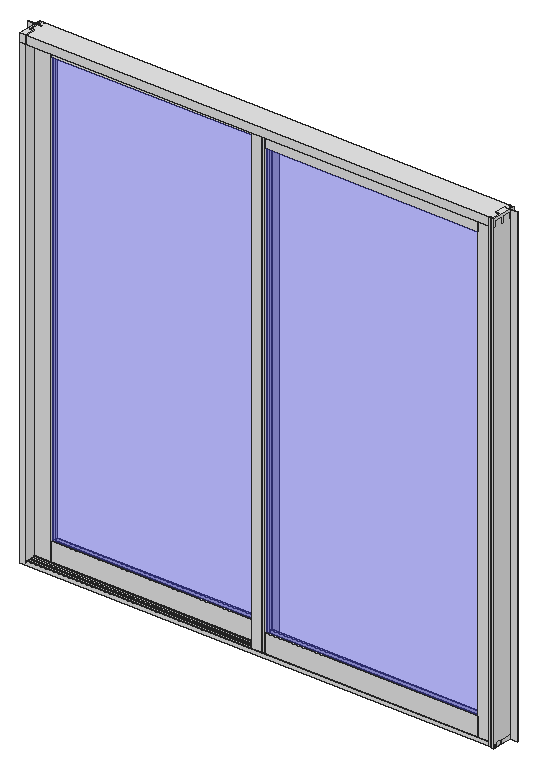
Revit family "Standard-Nail-On-OX-Sliding-Door-with-Low-Sill-and-Standard-Hardware", category Doors, host Wall, Revit 2026
Family settings
  Host = Wall
  Classification Number = 23.30.10.14.11
  Always vertical = Yes
  Cut with Voids When Loaded = No
  Shared = No
  Room Calculation Point = No
Parameters (values of type "2 Panel Sliding Door - OX")
  Wall Thickness [instance] = 0' - 6"
  URL = "https://www.allweatheraa.com/"
  Type Comments = "Multi-Panel Sliding Door"  # constant formula
  CD_Width Panel = ((CD_Width Opening + (0' 2 39/64" * (CD_Number of Panels - 1))) / CD_Number of Panels)  # 4' - 0.93164"
  CD_Width Opening = CD_Width - 0' 0 191/256"  # 7' - 11 65/256"
  CD_Width Min Panel = 2' - 8"  # constant formula
  CD_Width Min = (2 * CD_Width Min Panel) + 0' 0 3/4"  # 5' - 4 3/4"
  CD_Width Max Panel = 8' - 0"  # constant formula
  CD_Width Max = (2 * CD_Width Max Panel) + 0' 0 3/4"  # 16' - 0 3/4"
  CD_Width = if(CD_Requested Width > CD_Width Max, CD_Width Max, if(CD_Requested Width < CD_Width Min, CD_Width Min, CD_Requested Width))  # 8' - 0"
  CD_Warranty = "https://www.allweatheraa.com/warranties/"
  CD_Thickness = 0' - 4"  # constant formula
  CD_Specification = "http://allweatheraa.com/specs-cad-bim/"
  CD_Sill Height = 0' - 0 3/4"  # constant formula
  CD_Product Page URL = "https://www.allweatheraa.com/product-series-8150/"
  CD_Product Name = "Series 8150"  # constant formula
  CD_Product Documentation Link = "https://www.allweatheraa.com/architectural-manual/"
  CD_Microsite = "https://microsite.caddetails.com/4461/"
  CD_Jamb Width Right = 0' - 1 1/8"  # constant formula
  CD_Jamb Width Left = 0' - 1 1/8"  # constant formula
  CD_Jamb Extensions Depth [instance] = if(CD_Jamb Extensions Calc > 0' 0 1/8", CD_Jamb Extensions Calc, 0' 0 1/8")  # 0' - 2"
  CD_Jamb Extensions Calc [instance] = Wall Thickness - (CD_Thickness) + CD_Offset - CD_Inset  # 0' - 2"
  CD_Finish Jamb Ext = Wood-By_Others
  Thickness = CD_Thickness  # 0' - 4"
  Rough Width = CD_Width + 0' 1"  # 8' - 1"
  Rough Height = CD_Height + 0' 0 1/2"  # 8' - 0 1/2"
  Operation = "Sliding"
  Model = "OX / XO"  # constant formula
  Manufacturer = "All Weather Architectural Aluminum"  # constant formula
  Interior Trim = no
  Function = Exterior
  Frame Projection Ext. = 0' - 1"
  Frame Projection Int. = 0' - 1"
  Frame Width = 0' - 3"
  Height = CD_Height  # 8' - 0"
  Wall Closure = By host
  Width = CD_Width  # 8' - 0"
  CD_Height Panel = CD_Height - 0' 0 47/128" - 0' 1 1/16"  # 7' - 10 73/128"
  CD_Height Min Panel = 3' - 10"  # constant formula
  CD_Height Max Panel = 12' - 0"  # constant formula
  CD_Height = if(CD_Requested Height > CD_Height Max Panel + 0' 1 1/4", CD_Height Max Panel + 0' 1 1/4", if(CD_Requested Height < CD_Height Min Panel + 0' 1 1/4", CD_Height Min Panel + 0' 1 1/4", CD_Requested Height))  # 8' - 0"
  CD_Head Height = 0' - 1 73/128"  # constant formula
  CD_Finish Interior Trim = Metal-Aluminum-All_Weather-Standard-White
  CD_Finish Exterior Trim = Wood-By_Others
  Exterior Trim = no
  Description = "Thermally Broken Stacking Door"  # constant formula
  Center Panel Location = (CD_Width Panel / 2) - 0' 1 5/16"  # 1' - 11.15332"
  CD_Requested Width = 8' - 0"
  CD_Requested Height = 8' - 0"
  CD_Offset = 0' - 0"
  CD_Number of Panels = 2  # constant formula
  CD_Jamb Extension = no
  CD_Inset = 0' - 0"
  CD_Finish Glass = Glass-All_Weather-OA-Insulated_Glass
  CD_Finish = Metal-Aluminum-All_Weather-Standard-White
  Assembly Code = "B2030110"
  Analytic Construction = "<None>"
Reference planes (in)
  plane 1 "Center (Front/Back)": y = 0
  plane 2 "Center (Left/Right)": x = 0
  plane 3 "Left": x = -48
  plane 4 "Right": x = 48
  plane 5 "Top": z = 96
  plane 6 "Exterior": y = 3
  plane 7 "Interior": y = -3
  plane 8 "Nail Fin": y = 3
  plane 9 "Inset": y = 3
  plane 10 "Front": y = 3
  plane 11 "Back": y = -1
  plane 12 "Bottom of Sill": z = 0
  plane 13 "Right Jamb": x = 46.875
  plane 14 "Left Jamb": x = -46.875
  plane 15 "Bottom of Header": z = 94.42969
  plane 16 "Top of Sill": z = 0.75
  plane 17 "Exterior Doors": y = 2
  plane 18 "Interior Doors": y = 0
  plane 19 "Door Sill Offset": z = 0.3674
Forms (in)
  Extrusion 1, solid, material "Wood-By_Others" <- "CD_Finish Exterior Trim", visible <- "Exterior Trim"
    sketch origin (-90, 3, 0) x (-1, 0, 0) y (0, 0, 1)
      loop
        line (-42, 95.63672) -> (-42, 0) -> (-39, 0) -> (-39, 98.63672) -> (-141, 98.63672) -> (-141, 0) -> (-138, 0) -> (-138, 95.63672) -> (-42, 95.63672)
    from 0 to 1
  Extrusion 2, solid, material "Metal-Aluminum-All_Weather-Standard-White" <- "CD_Finish Interior Trim", visible <- "Interior Trim"
    sketch origin (-90, -3, 0) x (1, 0, 0) y (0, 0, 1)
      loop
        line (42, 0) -> (42, 95.63672) -> (138, 95.63672) -> (138, 0) -> (141, 0) -> (141, 98.63672) -> (39, 98.63672) -> (39, 0) -> (42, 0)
    from 0 to 1
  Sweep 3, solid, material "Metal-Aluminum-All_Weather-Standard-White" <- "CD_Finish", detail levels fine
    path origin (0, -1, 0) x (-1, 0, 0) y (0, 0, 1)
      loop
        line (48, 0) -> (48, 96)
    profile origin (-48, -1, 48) x (1, 0, 0) y (0, 1, 0)
      loop
        line (0, 0) -> (1.12385, 0) -> (1.12385, 2.168) -> (0.77985, 2.168) -> (0.77985, 2.043) -> (0.37385, 2.043) -> (0.37385, 3.946) -> (0.77985, 3.946) -> (0.77985, 3.856) -> (1.12385, 3.856) -> (1.12385, 4.016) -> (0.37385, 4.016) -> (0.37385, 4.884) -> (0.99885, 4.884) -> (0.99885, 4.954) -> (0, 4.954) -> (0, 4.5493) -> (0.07, 4.5493) -> (0.07, 4.884) -> (0.30385, 4.884) -> (0.30385, 4.024) -> (-1.5, 4.024) -> (-1.5, 3.954) -> (0, 3.954) -> (0, 0)
  Extrusion 4, solid, material "Wood-By_Others" <- "CD_Finish Jamb Ext", visible <- "CD_Jamb Extension"
    sketch origin (0, 0, 0) x (1, 0, 0) y (0, 0, 1)
      loop
        line (-48, 0) -> (-47.375, 0) -> (-47.375, 95.375) -> (47.375, 95.375) -> (47.375, 0) -> (48, 0) -> (48, 96) -> (-48, 96) -> (-48, 0)
    from 1 to 3
  Sweep 5, solid, material "Metal-Aluminum-All_Weather-Standard-White" <- "CD_Finish", detail levels fine
    path origin (0, 3, 0) x (-1, 0, 0) y (0, 0, 1)
      loop
        line (-48, 96) -> (48, 96)
    profile origin (0, 3, 96) x (0, 0, 1) y (0, 1, 0)
      loop
        line (0, 0.954) -> (-1.08885, 0.954) -> (-1.08885, 0.705) -> (-0.37385, 0.705) -> (-0.37385, 0.388) -> (-0.65885, 0.388) -> (-0.65885, 0.328) -> (-0.37385, 0.328) -> (-0.37385, 0.016) -> (-1.57, 0.016) -> (-1.57, -0.152) -> (-0.37385, -0.152) -> (-0.37385, -1.84) -> (-1.57, -1.84) -> (-1.57, -2.152) -> (-0.37385, -2.152) -> (-0.37385, -3.84) -> (-1.57, -3.84) -> (-1.57, -4) -> (0, -4) -> (0, 0.954)
  Sweep 6, solid, material "Metal-Aluminum-All_Weather-Standard-White" <- "CD_Finish", detail levels fine
    path origin (0, 3, 0) x (-1, 0, 0) y (0, 0, 1)
      loop
        line (-48, 0) -> (48, 0)
    profile origin (0, 3, 0) x (0, 0, 1) y (0, 1, 0)
      loop
        line (0, 0.864) -> (0, -4) -> (0.75, -4) -> (0.75, -3.84) -> (0.185, -3.84) -> (0.14641, -3.40801) -> (0.75, -3.40801) -> (0.75, -3.18981) -> (0.35379, -3.18981) -> (0.35379, -2.80325) -> (0.75, -2.80325) -> (0.75, -2.58399) -> (0.14734, -2.58399) -> (0.17792, -2.152) -> (0.75, -2.152) -> (0.75, -1.18181) -> (0.35379, -1.18181) -> (0.35379, -0.79525) -> (0.75, -0.79525) -> (0.75, 0.016) -> (0.13, 0.016) -> (0.10974, 0.328) -> (0.4048, 0.328) -> (0.4048, 0.388) -> (0.10584, 0.388) -> (0.07494, 0.864) -> (0, 0.864)
  Extrusion 7, solid, material "Metal-Aluminum-All_Weather-Standard-White" <- "CD_Finish", detail levels coarse+medium
    sketch origin (0, 3, 0) x (-1, 0, 0) y (0, 0, 1)
      loop
        line (-48, 96) -> (-48, 0) -> (48, 0) -> (48, 96) -> (-48, 96)
      loop
        line (46.875, 0.75) -> (46.875, 94.42969) -> (-46.875, 94.42969) -> (-46.875, 0.75) -> (46.875, 0.75)
    from 0 to -4
  Sweep 8, solid, material "Metal-Aluminum-All_Weather-Standard-White" <- "CD_Finish", detail levels fine
    path origin (0, -1, 0) x (1, 0, 0) y (0, 0, 1)
      loop
        line (48, 0) -> (48, 96)
    profile origin (48, -1, 48) x (1, 0, 0) y (0, 1, 0)
      loop
        line (0, 0) -> (0, 3.954) -> (1.5, 3.954) -> (1.5, 4.024) -> (-0.30385, 4.024) -> (-0.30385, 4.884) -> (-0.07, 4.884) -> (-0.07, 4.5493) -> (0, 4.5493) -> (0, 4.954) -> (-0.99885, 4.954) -> (-0.99885, 4.884) -> (-0.37385, 4.884) -> (-0.37385, 4.016) -> (-1.12385, 4.016) -> (-1.12385, 1.84816) -> (-0.77985, 1.84816) -> (-0.77985, 1.93816) -> (-0.37385, 1.93816) -> (-0.37385, 0.03516) -> (-0.77985, 0.03516) -> (-0.77985, 0.16016) -> (-1.12385, 0.16016) -> (-1.12385, 0) -> (0, 0)
Cuts and joins
  joined: Sweep 3, Sweep 6
Lines and regions (in)
  Opening 1
    outline origin (-90, -3, 0) x (1, 0, 0) y (0, 0, 1)
      loop
        line (42, 0) -> (138, 0) -> (138, 96) -> (42, 96) -> (42, 0)
  Masking region 1, visible <- "CD_Jamb Extension"
    outline origin (0, 0, 0) x (0, 1, 0) y (0, 0, 1)
      loop
        line (-1, 96) -> (-3, 96) -> (-3, 95.375) -> (-1, 95.375) -> (-1, 96)
  Masking region 2, visible <- "CD_Jamb Extension"
    outline origin (0, 0, 0) x (1, 0, 0) y (0, 1, 0)
      loop
        line (48, -3) -> (48, -1) -> (47.375, -1) -> (47.375, -3) -> (48, -3)
      loop
        line (-48, -3) -> (-47.375, -3) -> (-47.375, -1) -> (-48, -1) -> (-48, -3)
Text (in)
  text "Exterior" at (-74.96733, 27.31104, 0), in view "Ref. Level"
  text "Interior" at (-74.96733, -25.14366, 0), in view "Ref. Level"
  text "Exterior" at (0, 40.15149, 123.01588), in view "Right"
  text "Interior" at (0, -64.39139, 123.01588), in view "Right"
  text "Interior" at (0, -31.01599, 123.00693), in view "Left"
  text "Exterior" at (0, 54.57065, 123.00693), in view "Left"
Dimensions and locks (in)
  equal spacing: plane 3 "Left", plane 2 "Center (Left/Right)", plane 4 "Right"
  "Height": level to plane 5 "Top"
  "Width": plane 3 "Left" to plane 4 "Right"
  "Frame Width": Extrusion 2 sketch curve to plane 3 "Left"
  "Frame Width": Extrusion 2 sketch curve to plane 4 "Right"
  "Frame Width": Extrusion 1 sketch curve to Extrusion 1 sketch curve  (x3)
  host wall to plane 5 "Top" = 8' - 0"
  "Frame Projection Int.": Extrusion 2 to host wall
  "Frame Projection Ext.": Extrusion 1 to host wall
  "CD_Offset": plane 8 "Nail Fin" to plane 9 "Inset"
  "CD_Inset": plane 6 "Exterior" to plane 9 "Inset"
  locked: plane 10 "Front" to plane 8 "Nail Fin" at 0
  "Thickness": plane 10 "Front" to plane 11 "Back"
  plane 12 "Bottom of Sill" to level = 0' - 0"
  locked: Extrusion 1 sketch curve to plane 5 "Top" at 0.36328
  locked: Extrusion 2 sketch curve to plane 5 "Top" at 0.36328
  "Frame Width": Extrusion 2 sketch curve to Extrusion 2 sketch curve
  plane 5 "Top" to level = 8' - 0"
  locked: Extrusion 4 sketch curve to Extrusion 2 at 0.625  (x2)
  locked: plane 5 "Top" to Extrusion 4 sketch curve at 0.625
  "CD_Jamb Extensions Depth": Extrusion 4 to Extrusion 4
  "Wall Thickness": host wall to host wall
  plane 3 "Left" to plane 4 "Right" = 8' - 0"
  "Thickness": plane 10 "Front" to Extrusion 7
  "CD_Jamb Extensions Depth": Masking region 1 sketch curve to plane 7 "Interior"
  locked: plane 5 "Top" to Masking region 1 sketch curve at 0.625
  locked: plane 3 "Left" to Masking region 2 sketch curve at 0.625
  locked: Masking region 2 sketch curve to plane 4 "Right" at 0.625
  "CD_Jamb Extensions Depth": plane 7 "Interior" to Masking region 2 sketch curve  (x2)
  Sweep 3 sketch curve to Sweep 3 sketch curve to Sweep 3 sketch curve to profile plane to Sweep 3 sketch curve to Sweep 3 sketch curve to Sweep 3 sketch curve to Sweep 3 sketch curve to Sweep 3 sketch curve to Sweep 3 sketch curve to Sweep 3 sketch curve to Sweep 3 sketch curve = 0' - 1 1/2" locked, 0' - 0" locked, 0' - 0" locked, 0' - 0.07" locked, 0' - 0.23385" locked, 0' - 0.07" locked, 0' - 0.406" locked, 0' - 0" locked, 0' - 0.219" locked, 0' - 0 1/8" locked, 0' - 0" locked
  Sweep 3 sketch curve to Sweep 3 sketch curve to Sweep 3 sketch curve to Sweep 3 sketch curve to Sweep 3 sketch curve to Sweep 3 sketch curve to Sweep 3 sketch curve to Sweep 3 sketch curve to Sweep 3 sketch curve to Sweep 3 sketch curve to Sweep 3 sketch curve to profile plane to Sweep 3 sketch curve = 0' - 0.07" locked, 0' - 0" locked, 0' - 0.3347" locked, 0' - 0.5253" locked, 0' - 0.008" locked, 0' - 0.062" locked, 0' - 0.008" locked, 0' - 0.09" locked, 0' - 1.688" locked, 0' - 0 1/8" locked, 0' - 2.043" locked, 0' - 0" locked
  Sweep 8 sketch curve to Sweep 8 sketch curve to Sweep 8 sketch curve to Sweep 8 sketch curve to Sweep 8 sketch curve to Sweep 8 sketch curve to Sweep 8 sketch curve to Sweep 8 sketch curve to Sweep 8 sketch curve to Sweep 8 sketch curve to profile plane to Sweep 8 sketch curve = 0' - 0" locked, 0' - 0 1/8", 0' - 0.219", 0' - 0" locked, 0' - 0.406", 0' - 0.07" locked, 0' - 0.23385" locked, 0' - 0.07", 0' - 0" locked, 0' - 0" locked, 0' - 1 1/2"
  Sweep 8 sketch curve to Sweep 8 sketch curve to Sweep 8 sketch curve to Sweep 8 sketch curve to Sweep 8 sketch curve to Sweep 8 sketch curve to Sweep 8 sketch curve to Sweep 8 sketch curve to Sweep 8 sketch curve to Sweep 8 sketch curve to Sweep 8 sketch curve to profile plane to Sweep 8 sketch curve = 0' - 0.07" locked, 0' - 0" locked, 0' - 0.3347" locked, 0' - 0.5253" locked, 0' - 0.008" locked, 0' - 0.062" locked, 0' - 2.01584" locked, 0' - 0.09" locked, 0' - 1.688" locked, 0' - 0 1/8" locked, 0' - 0 9/256" locked, 0' - 0" locked
  "CD_Jamb Width Right": plane 13 "Right Jamb" to plane 4 "Right"
  "CD_Jamb Width Left": plane 3 "Left" to plane 14 "Left Jamb"
  "CD_Head Height": plane 15 "Bottom of Header" to plane 5 "Top"
  "CD_Sill Height": level to plane 16 "Top of Sill"
  Sweep 6 sketch curve to Sweep 6 sketch curve to Sweep 6 sketch curve to Sweep 6 sketch curve to profile plane to Sweep 6 sketch curve to Sweep 6 sketch curve to Sweep 6 sketch curve to Sweep 6 sketch curve to Sweep 6 sketch curve to Sweep 6 sketch curve to Sweep 6 sketch curve to Sweep 6 sketch curve to Sweep 6 sketch curve = 0' - 0.476" locked, 0' - 0.06" locked, 0' - 0.312" locked, 0' - 0.016" locked, 0' - 0.79525" locked, 0' - 0.38656" locked, 0' - 0.97019" locked, 0' - 0.43199" locked, 0' - 0.21926" locked, 0' - 0.38656" locked, 0' - 0.2182" locked, 0' - 0.43199" locked, 0' - 0.16" locked
  profile plane to Sweep 8 to Sweep 6 sketch curve to Sweep 6 sketch curve to Sweep 6 sketch curve to Sweep 6 sketch curve to Sweep 6 sketch curve to Sweep 6 sketch curve to Sweep 6 sketch curve to Sweep 6 sketch curve to Sweep 6 sketch curve to Sweep 6 sketch curve to Sweep 6 sketch curve to Sweep 6 sketch curve to Sweep 6 sketch curve to Sweep 6 sketch curve to Sweep 6 sketch curve to Sweep 6 sketch curve = 0' - 0" locked, 0' - 0.07494" locked, 0' - 0.03091" locked, 0' - 0 1/256" locked, 0' - 0.02026" locked, 0' - 0.01641" locked, 0' - 0.00093" locked, 0' - 0.03058" locked, 0' - 0.00708" locked, 0' - 0.16879" locked, 0' - 0" locked, 0' - 0.05101" locked, 0' - 0.3452" locked, 0' - 0" locked, 0' - 0" locked, 0' - 0" locked, 0' - 0" locked
  Sweep 5 sketch curve to Sweep 5 sketch curve to Sweep 5 sketch curve to Sweep 5 sketch curve to Sweep 5 sketch curve to profile plane to Sweep 5 sketch curve to Sweep 5 sketch curve to Sweep 5 sketch curve to Sweep 5 sketch curve to Sweep 5 sketch curve = 0' - 0.249" locked, 0' - 0.317" locked, 0' - 0.06" locked, 0' - 0.312" locked, 0' - 0.016" locked, 0' - 0.152" locked, 0' - 1.688" locked, 0' - 0.312" locked, 0' - 1.688" locked, 0' - 0.16" locked
  Sweep 5 sketch curve to Sweep 5 sketch curve to Sweep 5 sketch curve to Sweep 5 sketch curve to Sweep 5 sketch curve to Sweep 5 sketch curve to Sweep 5 sketch curve to Sweep 5 sketch curve to profile plane to Sweep 5 sketch curve = 0' - 0" locked, 0' - 0" locked, 0' - 0.48115" locked, 0' - 0.43" locked, 0' - 0.285" locked, 0' - 0" locked, 0' - 0" locked, 0' - 0.37385" locked, 0' - 0" locked
  locked: plane 10 "Front" to plane 17 "Exterior Doors" at 1
  locked: plane 10 "Front" to plane 18 "Interior Doors" at 3
  locked: plane 3 "Left" to nested 2 at 0.36919
  locked: nested 1 to plane 4 "Right" at 0.37385
  locked: plane 19 "Door Sill Offset" to level at 0.3674
  aligned and locked: plane 3 "Left" to Opening 1 sketch curve
  aligned and locked: plane 5 "Top" to Opening 1 sketch curve  (x2)
  aligned and locked: Opening 1 sketch curve to plane 4 "Right"
  aligned and locked: Opening 1 sketch curve to level
  aligned and locked: plane 3 "Left" to Extrusion 1 sketch curve
  aligned and locked: Extrusion 1 sketch curve to plane 3 "Left"
  aligned and locked: level to Extrusion 1 sketch curve
  aligned and locked: plane 4 "Right" to Extrusion 1 sketch curve
  aligned and locked: Extrusion 1 to host wall
  aligned and locked: plane 3 "Left" to Extrusion 2 sketch curve
  aligned and locked: plane 4 "Right" to Extrusion 2 sketch curve  (x2)
  aligned and locked: level to Extrusion 2 sketch curve
  aligned and locked: Extrusion 2 sketch curve to level
  aligned and locked: Extrusion 2 to host wall
  aligned and locked: plane 6 "Exterior" to host wall
  aligned and locked: host wall to plane 7 "Interior"
  aligned and locked: plane 3 "Left" to Sweep 3 sketch curve
  aligned and locked: plane 7 "Interior" to Extrusion 4
  aligned and locked: plane 4 "Right" to Sweep 5 sketch curve
  aligned and locked: plane 3 "Left" to Sweep 5 sketch curve
  aligned and locked: plane 3 "Left" to Sweep 6 sketch curve
  aligned and locked: plane 4 "Right" to Sweep 6 sketch curve
  aligned and locked: Sweep 6 sketch curve to level
  aligned and locked: plane 10 "Front" to Extrusion 7
  aligned and locked: cut or joined group of Sweep 3, Sweep 6 to Masking region 2 sketch curve  (x2)
  aligned and locked: plane 4 "Right" to Sweep 8 sketch curve
  aligned and locked: plane 5 "Top" to Sweep 8 sketch curve
  aligned and locked: level to Sweep 8 sketch curve
  aligned and locked: plane 4 "Right" to Extrusion 7 sketch curve
  aligned and locked: plane 13 "Right Jamb" to Extrusion 7 sketch curve
  aligned and locked: plane 5 "Top" to Extrusion 7 sketch curve
  aligned and locked: plane 15 "Bottom of Header" to Extrusion 7 sketch curve
  aligned and locked: Extrusion 7 sketch curve to plane 3 "Left"
  aligned and locked: Extrusion 7 sketch curve to plane 14 "Left Jamb"
  aligned and locked: level to Extrusion 7 sketch curve
  aligned and locked: plane 16 "Top of Sill" to Extrusion 7 sketch curve
  aligned and locked: nested 2 to plane 17 "Exterior Doors"
  aligned and locked: nested 1 to plane 18 "Interior Doors"
  aligned and locked: nested 1 to plane 19 "Door Sill Offset"
  aligned and locked: nested 2 to plane 19 "Door Sill Offset"
Automatic sketch dimensions
  Extrusion 1 sketch curve to level = 0' - 0"
  Extrusion 2 sketch curve to level = 0' - 0"
  Sweep 3 sketch curve to level = 0' - 0"
  Sweep 3 sketch curve to plane 5 "Top" = 0' - 0"
  plane 3 "Left" to Extrusion 4 sketch curve = 0' - 0"
  plane 4 "Right" to Extrusion 4 sketch curve = 0' - 0"
  Extrusion 4 sketch curve to level = 0' - 0"  (x2)
  Extrusion 4 sketch curve to plane 5 "Top" = 0' - 0"
  Sweep 5 sketch curve to plane 5 "Top" = 0' - 0"
  Sweep 6 sketch curve to profile plane = 0' - 0"
  Sweep 3 sketch curve to Sweep 3 sketch curve = 0' - 0"
  Sweep 8 sketch curve to Sweep 8 sketch curve = 0' - 0"
  Sweep 5 sketch curve to Sweep 5 sketch curve = 0' - 0"
  Masking region 1 sketch curve to host wall = 0' - 0"
  plane 5 "Top" to Masking region 1 sketch curve = 0' - 0"
  host wall to Masking region 2 sketch curve = 0' - 0"  (x2)
Nested families (in)
  nested 1: "Nested-Panel-All_Weather-Series_8150" at (23.16033, 0.11336, 0.3674), type "Active Left"
    with CD_Arrow Right no, CD_Arrow Left no, CD_Width 4' - 0.93164", CD_Pull no, CD_Jamb Width Right 0' - 3 51/256", CD_Internal Door no
  nested 2: "Nested-Panel-All_Weather-Series_8150" at (-23.16499, 2.11336, 0.3674), type "Fixed"
    with CD_Arrow Right no, CD_Arrow Left yes, CD_Width 4' - 0.93164"
Definition of nested family "Nested-Panel-All_Weather-Series_8150"
  Parameters (values of type "Active Right")
    URL = "http://www.weathershield.com"
    Type Comments = "Panel with Inside Jamb"
    Model = "8150"  # constant formula
    Manufacturer = "All Weather Architectural Aluminum"  # constant formula
    Description = "Stacking Door Panel"  # constant formula
    Default Elevation = 4' - 0"
    CD_Width = 3' - 1.0791"
    CD_Thickness = 0' - 1 1/2"  # constant formula
    CD_Sill Height = 0' - 4 27/256"  # constant formula
    CD_Pull Jamb = yes
    CD_Pull = yes
    CD_Jamb = no
    CD_Product Page URL = "https://www.allweatheraa.com/doors/series-8150-sliding-doors/"
    CD_Product Documentation Link = "https://www.allweatheraa.com/architectural-manual/"
    CD_Jamb Width Right = if(CD_Pull, 0' 2 23/32", if(CD_Internal Door, 0' 2 159/256", if(CD_Pull Jamb, 0' 3 51/256", 0' 2 39/64")))  # 0' - 2 23/32"
    CD_Jamb Width Left = if(CD_Jamb, 0' 4 19/256", 0' 2 39/64")  # 0' - 2 39/64"
    CD_Internal Door = yes
    CD_Height = 7' - 10 73/128"
    CD_Head Height = 0' - 2 5/8"  # constant formula
    CD_Glass Thickness = 0' - 1"  # constant formula
    CD_Glass Offset = 0' - 0 1/4"  # constant formula
    CD_Glass Inset = 0' - 0 169/256"  # constant formula
    CD_Finish Glass = none
    CD_Finish = none
    CD_Center Panel Right = no
    CD_Center Panel Left = yes
    CD_Arrow Right [instance] = no
    CD_Arrow Left [instance] = no
  Types (3): name | CD_Pull Jamb | CD_Pull | CD_Jamb | CD_Jamb Width Right | CD_Jamb Width Left | CD_Internal Door | CD_Center Panel Right | CD_Center Panel Left
    Active Left | yes | yes | no | 0' - 2 23/32" | 0' - 2 39/64" | yes | no | yes
    Fixed | no | no | yes | 0' - 2 39/64" | 0' - 4 19/256" | no | yes | no
    Active Right | yes | yes | no | 0' - 2 23/32" | 0' - 2 39/64" | yes | no | yes
  Reference planes (in)
    plane 1 "Center (Front/Back)": y = 0.11336
    plane 2 "Bottom": z = 0
    plane 3 "Center (Left/Right)": x = 0
    plane 4 "Front": y = 0.86336
    plane 5 "Back": y = -0.63664
    plane 6 "Left": x = -18.53955
    plane 7 "Right": x = 18.53955
    plane 8 "Top": z = 94.57031
    plane 9 "Glass Front": y = 0.61336
    plane 10 "Glass Back": y = -0.38664
    plane 11 "Glass Top": z = 92.60547
    plane 12 "Glass Bottom": z = 3.44531
    plane 13 "Glass Left": x = -16.59033
    plane 14 "Glass Right": x = 16.48096
    plane 15 "Center (Elevation)": z = 48.02539
    plane 16 "DLO Bottom": z = 4.10547
    plane 17 "DLO Top": z = 91.94531
    plane 18 "DLO Left": x = -15.93018
    plane 19 "DLO Right": x = 15.8208
    plane 20: y = 0.11336
  Forms (in)
    Extrusion 1, solid, material <- "CD_Finish Glass", detail levels coarse
      sketch origin (0, 0, 0) x (1, 0, 0) y (0, 1, 0)
        loop
          line (-15.93018, -0.38664) -> (15.8208, -0.38664) -> (15.8208, 0.61336) -> (-15.93018, 0.61336) -> (-15.93018, -0.38664)
      from 4.10547 to 91.94531
    Sweep 2, solid, material <- "CD_Finish", detail levels medium+fine
      path origin (0, 0.61336, -0.65988) x (-1, 0, 0) y (0, 0, 1)
        loop
          line (-15.8208, 0.65988) -> (15.93018, 0.65988)
      profile origin (-0.05469, 0.61336, 0) x (0, 0, 1) y (0, 1, 0)
        loop
          line (0, 0.2055) -> (0, 0.0495) -> (0.89378, 0.0495) -> (0.89378, -1.05052) -> (0, -1.05052) -> (0, -1.20652) -> (4.10547, -1.20652) -> (4.10547, -1.0615) -> (3.44531, -1.0615) -> (3.44531, 0.0615) -> (4.10547, 0.0615) -> (4.10547, 0.2055) -> (0, 0.2055)
    Sweep 3, solid, material <- "CD_Finish", visible <- "CD_Jamb", detail levels medium+fine
      path origin (0, 0.86336, 0) x (-1, 0, 0) y (0, 0, 1)
        loop
          line (18.53955, 0) -> (18.53955, 94.57031)
      profile origin (-18.53955, 0.86336, 47.28516) x (1, 0, 0) y (0, 1, 0)
        loop
          line (0, 0) -> (0, -0.08) -> (0.23483, -0.08) -> (0.23483, -1.42002) -> (0, -1.42002) -> (0, -1.5) -> (2.60938, -1.5) -> (2.60938, -1.31202) -> (1.94922, -1.31202) -> (1.94922, -0.188) -> (2.60938, -0.188) -> (2.60938, 0) -> (0, 0)
    Sweep 4, solid, material <- "CD_Finish", visible <- "CD_Center Panel Right", detail levels medium+fine
      path origin (0, 0.86336, 0) x (1, 0, 0) y (0, 0, 1)
        loop
          line (18.53955, 0) -> (18.53955, 94.57031)
      profile origin (18.53955, 0.86336, 47.28516) x (1, 0, 0) y (0, 1, 0)
        loop
          line (0, -1.50002) -> (0, -0.00007) -> (-1.80474, -0.00007) -> (-1.80474, 0.40071) -> (-2.50112, 0.40071) -> (-2.59855, 0.3746) -> (-2.59855, 0.27635) -> (-1.90472, 0.27635) -> (-1.90472, 0) -> (-2.71875, 0) -> (-2.71875, -0.188) -> (-2.05859, -0.188) -> (-2.05859, -1.31202) -> (-2.71875, -1.31202) -> (-2.71875, -1.50002) -> (0, -1.50002)
    Sweep 5, solid, material <- "CD_Finish", detail levels medium+fine
      path origin (0, 0.86336, 0) x (-1, 0, 0) y (0, 0, 1)
        loop
          line (15.93018, 94.57031) -> (-15.8208, 94.57031)
      profile origin (-0.05469, 0.86336, 94.57031) x (0, 0, -1) y (0, 1, 0)
        loop
          line (2.625, -0.04395) -> (0, -0.04395) -> (0, -0.12201) -> (0.09375, -0.12201) -> (0.09375, -1.37792) -> (0, -1.37792) -> (0, -1.45597) -> (2.625, -1.45597) -> (2.625, -1.31197) -> (1.96484, -1.31197) -> (1.96484, -0.18788) -> (2.625, -0.18788) -> (2.625, -0.04395)
    Extrusion 6, solid, material <- "CD_Finish", visible <- "CD_Center Panel Left", detail levels medium+fine
      sketch origin (0, 0, 0) x (1, 0, 0) y (0, 1, 0)
        loop
          line (-18.53955, 0.86336) -> (-18.53955, -1.03737) -> (-17.84317, -1.03737) -> (-17.74574, -1.01127) -> (-17.74574, -0.91302) -> (-18.43957, -0.91302) -> (-18.43957, -0.63667) -> (-15.93018, -0.63667) -> (-15.93018, -0.44867) -> (-16.59033, -0.44867) -> (-16.59033, 0.67536) -> (-15.93018, 0.67536) -> (-15.93018, 0.86336) -> (-18.53955, 0.86336)
      from 0 to 94.57031
    Extrusion 7, solid, material <- "CD_Finish", detail levels coarse
      sketch origin (0, 0.61336, 0) x (-1, 0, 0) y (0, 0, 1)
        loop
          line (18.53955, 94.0625) -> (-18.53955, 94.0625) -> (-18.53955, 0.38281) -> (18.53955, 0.38281) -> (18.53955, 94.0625)
        loop
          line (-15.8208, 4.10547) -> (15.93018, 4.10547) -> (15.93018, 91.94531) -> (-15.8208, 91.94531) -> (-15.8208, 4.10547)
      from -1.25 to 0.25
    Sweep 8, solid, material <- "CD_Finish", visible <- "CD_Pull Jamb", detail levels medium+fine
      path origin (0, 0.86328, 0) x (1, 0, 0) y (0, 0, 1)
        loop
          line (18.53955, 0) -> (18.53955, 94.57031)
      profile origin (18.53955, 0.86328, 47.28516) x (1, 0, 0) y (0, 1, 0)
        loop
          line (0, -1.5) -> (0, -1.42) -> (-0.23483, -1.42) -> (-0.23483, -0.07998) -> (0, -0.07998) -> (0, 0) -> (-2.71875, 0) -> (-2.71875, -0.18798) -> (-2.05859, -0.18798) -> (-2.05859, -1.312) -> (-2.71875, -1.312) -> (-2.71875, -1.5) -> (0, -1.5)
    Sweep 9, solid, material <- "CD_Finish", visible <- "CD_Internal Door", detail levels medium+fine
      path origin (14, 0.86328, 0) x (1, 0, 0) y (0, 0, -1)
        loop
          line (4.53955, 0) -> (4.53955, -94.57031)
      profile origin (18.53955, 0.86328, 47.28516) x (1, 0, 0) y (0, 1, 0)
        loop
          line (0.39414, -0.24462) -> (0, -0.24462) -> (0, -0.07998) -> (-0.23483, -0.07998) -> (-0.23483, -1.42) -> (0, -1.42) -> (0, -1.25523) -> (0.39414, -1.25523) -> (0.39414, -0.24462)
    Extrusion 10, solid, material <- "CD_Finish Glass", detail levels medium+fine
      sketch origin (0, 0, 0) x (1, 0, 0) y (0, 1, 0)
        loop
          line (-16.59033, 0.43452) -> (16.48096, 0.43452) -> (16.48096, 0.61336) -> (-16.59033, 0.61336) -> (-16.59033, 0.43452)
        loop
          line (16.48096, -0.2078) -> (-16.59033, -0.2078) -> (-16.59033, -0.38664) -> (16.48096, -0.38664) -> (16.48096, -0.2078)
      from 3.44531 to 92.60547
  Lines and regions (in)
    Masking region 1, detail levels medium+fine
      outline origin (0, 0, 0) x (1, 0, 0) y (0, 1, 0)
        loop
          line (-16.59033, 0.61336) -> (-16.59033, 0.43452) -> (16.48096, 0.43452) -> (16.48096, 0.61336) -> (-16.59033, 0.61336)
        loop
          line (-16.59033, -0.2078) -> (-16.59033, -0.38664) -> (16.48096, -0.38664) -> (16.48096, -0.2078) -> (-16.59033, -0.2078)
    Masking region 2, detail levels medium+fine
      outline origin (0, 0, 94.57031) x (0, 1, 0) y (-1, 0, 0)
        loop
          line (0.61336, -16.48096) -> (0.61336, -15.8208) -> (0.81886, -15.8208) -> (0.81886, 15.93018) -> (0.61336, 15.93018) -> (0.61336, 16.59033) -> (-0.38664, 16.59033) -> (-0.38664, 15.93018) -> (-0.59317, 15.93018) -> (-0.59317, -15.8208) -> (-0.38664, -15.8208) -> (-0.38664, -16.48096) -> (0.61336, -16.48096)
    Masking region 3, detail levels coarse
      outline origin (0, 0, 0) x (1, 0, 0) y (0, 1, 0)
        loop
          line (-15.93018, 0.61336) -> (-15.93018, -0.38664) -> (15.8208, -0.38664) -> (15.8208, 0.61336) -> (-15.93018, 0.61336)
    Masking region 4, detail levels coarse
      outline origin (0, 0, 0) x (1, 0, 0) y (0, 1, 0)
        loop
          line (-18.53955, 0.86336) -> (-18.53955, -0.63664) -> (-15.93018, -0.63664) -> (-15.93018, 0.86336) -> (-18.53955, 0.86336)
        loop
          line (18.53955, 0.86336) -> (15.8208, 0.86336) -> (15.8208, -0.63664) -> (18.53955, -0.63664) -> (18.53955, 0.86336)
    symbolic lines, visible <- "CD_Arrow Left"
      curve 1: line (-14.17236, 0.61336, 45.02539) -> (-14.17236, 0.61336, 51.02539)
      curve 2: line (-14.17236, 0.61336, 45.02539) -> (-11.17236, 0.61336, 48.02539)
      curve 3: line (-11.17236, 0.61336, 48.02539) -> (-14.17236, 0.61336, 51.02539)
    symbolic lines, visible <- "CD_Arrow Right"
      curve 4: line (14.17236, 0.61336, 45.02539) -> (14.17236, 0.61336, 51.02539)
      curve 5: line (14.17236, 0.61336, 45.02539) -> (11.17236, 0.61336, 48.02539)
      curve 6: line (11.17236, 0.61336, 48.02539) -> (14.17236, 0.61336, 51.02539)
  Dimensions and locks (in)
    equal spacing: plane 6 "Left", plane 3 "Center (Left/Right)", plane 7 "Right"
    "CD_Width": plane 6 "Left" to plane 7 "Right"
    equal spacing: plane 4 "Front", plane 1 "Center (Front/Back)", plane 5 "Back"
    "CD_Thickness": plane 4 "Front" to plane 5 "Back"
    locked: plane 10 "Glass Back" to Masking region 1 sketch curve at 0.17884
    locked: plane 9 "Glass Front" to Masking region 1 sketch curve at 0.17884
    equal spacing: plane 11 "Glass Top", plane 15 "Center (Elevation)", plane 12 "Glass Bottom"
    "CD_Glass Inset": plane 16 "DLO Bottom" to plane 12 "Glass Bottom"
    "CD_Glass Inset": plane 11 "Glass Top" to plane 17 "DLO Top"
    "CD_Jamb Width Left": plane 6 "Left" to plane 18 "DLO Left"
    "CD_Jamb Width Right": plane 19 "DLO Right" to plane 7 "Right"
    equal spacing: plane 10 "Glass Back", plane 20, plane 9 "Glass Front"
    curve 3 to curve 3 to plane 15 "Center (Elevation)" to curve 2 = 0' - 3" locked, 0' - 0" locked, 0' - 3" locked
    plane 6 "Left" to curve 1 to curve 3 = 0' - 4 47/128" locked, 0' - 3" locked
    "CD_Height": plane 8 "Top" to plane 2 "Bottom"
    "CD_Glass Offset": Extrusion 7 to plane 10 "Glass Back"
    Extrusion 6 to plane 17 "DLO Top" = 0' - 2 5/8"
    curve 6 to curve 6 to plane 15 "Center (Elevation)" to curve 5 = 0' - 3" locked, 0' - 0" locked, 0' - 3" locked
    plane 7 "Right" to curve 4 to curve 6 = 0' - 4 47/128" locked, 0' - 3" locked
    "CD_Glass Inset": plane 13 "Glass Left" to plane 18 "DLO Left"
    "CD_Glass Inset": plane 19 "DLO Right" to plane 14 "Glass Right"
    locked: profile plane to Sweep 3 sketch curve at 0.23483
    profile plane to Sweep 3 sketch curve to Sweep 3 sketch curve to Sweep 3 sketch curve to Sweep 3 sketch curve to Sweep 3 sketch curve to Sweep 3 sketch curve = 0' - 0" locked, 0' - 0.08" locked, 0' - 0.108" locked, 0' - 1.12402" locked, 0' - 0.108" locked, 0' - 0.07998" locked
    plane 6 "Left" to Extrusion 6 sketch curve to Extrusion 6 sketch curve to Extrusion 6 sketch curve = 0' - 0.09998" locked, 0' - 0.5964" locked, 0' - 0.09743" locked
    Extrusion 6 sketch curve to plane 4 "Front" to Extrusion 6 sketch curve to Extrusion 6 sketch curve to Extrusion 6 sketch curve to Extrusion 6 sketch curve to Extrusion 6 sketch curve to Extrusion 6 sketch curve = 0' - 0" locked, 0' - 0.188" locked, 0' - 1.12402" locked, 0' - 0.188" locked, 0' - 0.27635" locked, 0' - 0.09825" locked, 0' - 0.02611" locked
    plane 19 "DLO Right" to Sweep 4 sketch curve to Sweep 4 sketch curve to Sweep 4 sketch curve to Sweep 4 sketch curve = 0' - 0.1202" locked, 0' - 0.09743" locked, 0' - 0.5964" locked, 0' - 0.09998" locked
    Sweep 4 sketch curve to Sweep 4 sketch curve to Sweep 4 sketch curve to profile plane to Sweep 4 sketch curve to Sweep 4 sketch curve to Sweep 4 sketch curve to Sweep 4 sketch curve to Sweep 4 sketch curve = 0' - 0.02611" locked, 0' - 0.09825" locked, 0' - 0.27635" locked, 0' - 0" locked, 0' - 0.00007" locked, 0' - 0.18793" locked, 0' - 1.12402" locked, 0' - 0.188" locked
    Sweep 8 sketch curve to Sweep 8 sketch curve to Sweep 8 sketch curve to Sweep 8 sketch curve to profile plane = 0' - 0.188" locked, 0' - 1.12402" locked, 0' - 0.18798" locked, 0' - 0" locked
    Extrusion 7 to Extrusion 7 = 0' - 1 1/2"
    "CD_Head Height": plane 8 "Top" to plane 17 "DLO Top"
    "CD_Sill Height": plane 16 "DLO Bottom" to level
    locked: Sweep 5 sketch curve to profile plane at 0.09375
    profile plane to Sweep 5 sketch curve to Sweep 5 sketch curve to Sweep 5 sketch curve = 0' - 0.04395" locked, 0' - 0.07806" locked, 0' - 0.06587" locked
    Sweep 5 sketch curve to Sweep 5 sketch curve to Sweep 5 sketch curve to plane 5 "Back" = 0' - 0.06594" locked, 0' - 0.07806" locked, 0' - 0.04403" locked
    plane 4 "Front" to Sweep 2 sketch curve to Sweep 2 sketch curve to Sweep 2 sketch curve = 0' - 0.0445" locked, 0' - 0.144" locked, 0' - 0.012" locked
    Sweep 2 sketch curve to Sweep 2 sketch curve to Sweep 2 sketch curve to plane 5 "Back" = 0' - 0.01098" locked, 0' - 0.14502" locked, 0' - 0.04348" locked
    "CD_Glass Offset": plane 4 "Front" to plane 9 "Glass Front"
    "CD_Glass Thickness": plane 9 "Glass Front" to plane 10 "Glass Back"
    Sweep 9 sketch curve to Sweep 9 sketch curve to profile plane to Sweep 9 sketch curve = 0' - 0.23483" locked, 0' - 0" locked, 0' - 0.39414" locked
    profile plane to Sweep 9 sketch curve to Sweep 9 sketch curve to Sweep 9 sketch curve to Sweep 9 sketch curve = 0' - 0.07998" locked, 0' - 0.16465" locked, 0' - 1.01061" locked, 0' - 0.16477" locked
    locked: Masking region 2 sketch curve to plane 5 "Back" at 0.04348
    locked: plane 4 "Front" to Masking region 2 sketch curve at 0.0445
    locked: Extrusion 7 sketch curve to plane 8 "Top" at 0.50781
    locked: Extrusion 10 sketch curve to plane 10 "Glass Back" at 0.17884
    locked: plane 9 "Glass Front" to Extrusion 10 sketch curve at 0.17884
    locked: Extrusion 7 sketch curve to level at 0.38281
    aligned and locked: plane 2 "Bottom" to level
    aligned and locked: plane 9 "Glass Front" to Extrusion 1 sketch curve
    aligned and locked: Extrusion 1 sketch curve to plane 10 "Glass Back"
    aligned and locked: Masking region 1 sketch curve to plane 9 "Glass Front"
    aligned and locked: plane 14 "Glass Right" to Masking region 1 sketch curve  (x2)
    aligned and locked: plane 10 "Glass Back" to Masking region 1 sketch curve
    aligned and locked: Masking region 1 sketch curve to plane 13 "Glass Left"  (x2)
    aligned and locked: Sweep 3 sketch curve to plane 6 "Left"
    aligned and locked: Sweep 5 sketch curve to plane 8 "Top"
    aligned and locked: plane 18 "DLO Left" to Sweep 5 sketch curve
    aligned and locked: plane 19 "DLO Right" to Sweep 5 sketch curve
    aligned and locked: plane 18 "DLO Left" to Sweep 2 sketch curve
    aligned and locked: plane 19 "DLO Right" to Sweep 2 sketch curve
    aligned and locked: plane 7 "Right" to Extrusion 7 sketch curve
    aligned and locked: Extrusion 7 sketch curve to plane 6 "Left"
    aligned and locked: plane 4 "Front" to Extrusion 7
    aligned and locked: Extrusion 7 sketch curve to plane 17 "DLO Top"
    aligned and locked: plane 13 "Glass Left" to Sweep 3 sketch curve
    aligned and locked: plane 18 "DLO Left" to Sweep 3 sketch curve  (x2)
    aligned and locked: Sweep 3 sketch curve to profile plane  (x2)
    aligned and locked: Extrusion 6 sketch curve to plane 18 "DLO Left"  (x2)
    aligned and locked: Extrusion 6 sketch curve to plane 13 "Glass Left"
    aligned and locked: plane 6 "Left" to Extrusion 6 sketch curve
    aligned and locked: Sweep 4 sketch curve to profile plane
    aligned and locked: plane 14 "Glass Right" to Sweep 4 sketch curve
    aligned and locked: plane 19 "DLO Right" to Sweep 4 sketch curve  (x2)
    aligned and locked: profile plane to Sweep 8 sketch curve  (x2)
    aligned and locked: Sweep 8 sketch curve to plane 14 "Glass Right"
    aligned and locked: Sweep 8 sketch curve to plane 19 "DLO Right"  (x2)
    aligned and locked: Sweep 5 sketch curve to plane 11 "Glass Top"
    aligned and locked: plane 17 "DLO Top" to Sweep 5 sketch curve
    aligned and locked: Sweep 5 sketch curve to plane 17 "DLO Top"
    aligned and locked: plane 12 "Glass Bottom" to Sweep 2 sketch curve
    aligned and locked: Sweep 2 sketch curve to plane 16 "DLO Bottom"
    aligned and locked: plane 16 "DLO Bottom" to Sweep 2 sketch curve
    aligned and locked: Sweep 2 sketch curve to plane 2 "Bottom"
    aligned and locked: plane 2 "Bottom" to Sweep 2 sketch curve
    aligned and locked: level to Sweep 2 sketch curve
    aligned and locked: plane 8 "Top" to Sweep 3 sketch curve
    aligned and locked: level to Sweep 3 sketch curve
    aligned and locked: level to Sweep 4 sketch curve
    aligned and locked: plane 8 "Top" to Sweep 4 sketch curve
    aligned and locked: plane 8 "Top" to Sweep 8 sketch curve
    aligned and locked: level to Sweep 8 sketch curve
    aligned and locked: Sweep 9 sketch curve to plane 7 "Right"
    aligned and locked: level to Sweep 9 sketch curve
    aligned and locked: plane 8 "Top" to Sweep 9 sketch curve
    aligned and locked: plane 8 "Top" to Extrusion 6
    aligned and locked: Extrusion 6 to level
    aligned and locked: plane 14 "Glass Right" to Masking region 2 sketch curve
    aligned and locked: plane 10 "Glass Back" to Masking region 2 sketch curve  (x2)
    aligned and locked: Masking region 2 sketch curve to plane 9 "Glass Front"  (x2)
    aligned and locked: Masking region 2 sketch curve to plane 18 "DLO Left"  (x2)
    aligned and locked: Masking region 2 sketch curve to plane 13 "Glass Left"
    aligned and locked: plane 19 "DLO Right" to Masking region 2 sketch curve  (x2)
    aligned and locked: plane 18 "DLO Left" to Extrusion 1 sketch curve
    aligned and locked: Extrusion 1 sketch curve to plane 19 "DLO Right"
    aligned and locked: plane 13 "Glass Left" to Extrusion 10 sketch curve  (x2)
    aligned and locked: Extrusion 10 sketch curve to plane 14 "Glass Right"  (x2)
    aligned and locked: plane 9 "Glass Front" to Extrusion 10 sketch curve
    aligned and locked: Extrusion 10 sketch curve to plane 10 "Glass Back"
    aligned and locked: Extrusion 10 to plane 12 "Glass Bottom"
    aligned and locked: plane 11 "Glass Top" to Extrusion 10
    aligned and locked: plane 17 "DLO Top" to Extrusion 1
    aligned and locked: Extrusion 1 to plane 16 "DLO Bottom"
    aligned and locked: plane 16 "DLO Bottom" to Extrusion 7 sketch curve
    aligned and locked: Extrusion 7 sketch curve to plane 18 "DLO Left"
    aligned and locked: plane 19 "DLO Right" to Extrusion 7 sketch curve
    aligned and locked: Masking region 3 sketch curve to Extrusion 1  (x4)
    aligned and locked: Masking region 4 sketch curve to Extrusion 7  (x7)
    aligned and locked: Extrusion 7 to Masking region 4 sketch curve
  Automatic sketch dimensions
    Sweep 2 sketch curve to profile plane = 0' - 0.89378"
    plane 7 "Right" to Sweep 4 sketch curve = 0' - 0"
    Sweep 5 sketch curve to profile plane = 0' - 0"  (x2)
    plane 7 "Right" to Sweep 8 sketch curve = 0' - 0"
    Sweep 8 sketch curve to Sweep 8 sketch curve = 0' - 0.23483"
    Sweep 8 sketch curve to Sweep 8 sketch curve = 0' - 0.08"
    Sweep 8 sketch curve to profile plane = 0' - 0.07998"
    Sweep 9 sketch curve to profile plane = 0' - 0"
